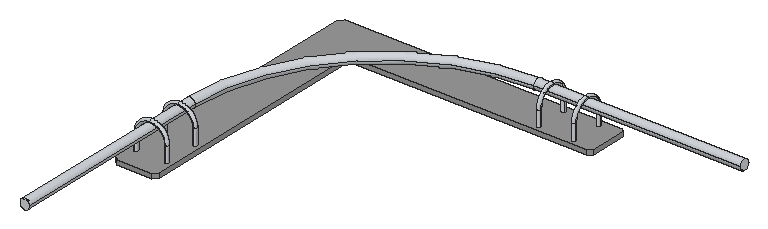
Revit family "HCL_Latchways_FallArrestSystemGuidedAnchorLine_90degreeCornerSet", category Generic Models, host Face, Revit 2014
Parameters (values of type "ManSafe CFP - 90 degree Corner Set")
  WarrantyStartDate [instance] = "1900-12-31T23:59:59"
  WarrantyGuarantorParts = "n/a"
  WarrantyGuarantorLabor = "n/a"
  WarrantyDurationUnit = "year"
  WarrantyDurationParts = "n/a"
  WarrantyDurationLabor = "n/a"
  WarrantyDescription = "n/a"
  Version = "1"  # constant formula
  Uniclass2 = "80-30-25/135"
  URL = "www.latchways.com"
  Type Comments = "n/a"
  TagNumber [instance] = "n/a"
  SystemManufacturer = "MSA Latchways"  # constant formula
  SystemMaintenance = "Annual service to be completed by HCL Safety in accordance with BS7883:2005"  # constant formula
  SustainabilityPerformance = "n/a"
  StructuralAnchors = "n/a"
  Size = "480 x 480 x 42.5 mm"
  Shape = "n/a"
  SerialNumber [instance] = "n/a"
  Revision = "n/a"
  ReplacementCost = "n/a"
  Reference = "n/a"
  ProductInformation = "www.latchways.com/BIM/65012-00_ExtendedOnePieceCornerBracket.pdf"
  PreInstallationSurvey = "Required"
  NominalWidth = 480 mm
  NominalLength = 480 mm
  NominalHeight = 42.5 mm
  Name = "FallArrestSystemGuidedAnchorLine_90degreeCornerSet_MSA_Latchways"
  NBSTypeID = "n/a"
  NBSReference = "80-50-25/110"
  NBSOfficeMasterTag = "n/a"
  NBSNote = "n/a"
  NBSDescription = "Fall arrest system - guided anchor line"
  NBSCertification = "n/a"
  ModelReference = "Constant Force Post  - 90 degree Corner Set"
  ModelNumber = "65012-00"
  Model = "65012-00"
  Material = "n/a"
  ManufacturerURL = "www.latchways.com"
  ManufacturerName = "MSA Latchways"
  Manufacturer = "info@latchways.com"
  ManSafeForRoofingBrochure = "https://www.hclsafety.com/wp-content/uploads/2017/10/AC55-HCL-A4-brochure-2017.pdf"
  Installer Website = "https://www.hclsafety.com/"
  InstallationDate [instance] = "1900-12-31T23:59:59"
  IfcExportType = "IfcTransportElement"  # constant formula
  IfcExportAs = "NOTDEFINED"  # constant formula
  Grade = "n/a"
  FireExit = no
  Finish = "n/a"
  Features = "n/a"
  ExpectedLife = "n/a"
  DurationUnit = "year"
  Description = "Latchways ManSafe® for Roofing, using Constant Force posts"
  Default Elevation = 1219.2 mm
  ProductSpecification = "www.latchways.com/BIM/Latchways_Specification_ConstantForcePost.pdf"
  Constituents = "n/a"
  Color = "n/a"
  CodePerformance = "n/a"
  Category = "n/a"
  BarCode [instance] = "n/a"
  BIMObjectName = "HCL_Latchways_FallArrestSystemGuidedAnchorLine_90degreeCornerSet"
  Author = "MSA Latchways"  # constant formula
  AttachmentDeviceGuide = "https://www.latchways.com/sites/default/files/4600-026-MC_AttachmentDevice_Guide.pdf"
  AssetType = "Fixed"
  AssetIdentifier [instance] = "n/a"
  Assembly Code = ""
  AncillaryEquipment = "n/a"
  AnchorLine = "n/a"
  AccessibilityPerformance = "n/a"
Reference planes
  plane 1 "Center (Front/Back)": y = 0
  plane 2: z = 0
  plane 3 "Center (Left/Right)": x = 0
  plane 4: x = 0
  plane 5: y = 0
Forms (mm)
  Extrusion 1, solid, not visible
    sketch origin (0, 0, 0) x (1, 0, 0) y (0, 1, 0)
      loop
        line (-1219.2, 1219.2) -> (-1219.2, -1219.2) -> (1219.2, -1219.2) -> (1219.2, 1219.2) -> (-1219.2, 1219.2)
    from 0 to -250
Dimensions and locks
  nested 1 to nested 1 = 480 mm  (x2)
  nested 1 to nested 1 = 325 mm  (x2)
  aligned and locked: plane 2 to Extrusion 1
  aligned and locked: level to Extrusion 1
Nested families
  nested 1: "LWplc_CFP_Corner_Element" at (0, 0, 0), type "LWplc_CFP_Corner_Element"
Definition of nested family "LWplc_CFP_Corner_Element"
  Reference planes
    plane 1 "Center (Front/Back)": y = 0
    plane 2: z = 0
    plane 3 "Center (Left/Right)": x = 0
  Forms (mm)
    Sweep 1, solid, detail levels medium+fine
      path in 3D
        loop
          line (275, -17.5, 5) -> (275, -17.5, 23)
          arc (275, -17.5, 23) -> (275, -12.374, 35.374) -> (275, 0, 40.5) r 17.5
          arc (275, 0, 40.5) -> (275, 12.374, 35.374) -> (275, 17.5, 23) r 17.5
          line (275, 17.5, 23) -> (275, 17.5, 5)
      profile origin (275, -17.5, 14) x (0, -1, 0) y (1, 0, 0)
        loop
          circle (0, 0) r 2
    Sweep 2, solid, detail levels medium+fine
      path in 3D
        loop
          line (235, -17.5, 5) -> (235, -17.5, 23)
          arc (235, -17.5, 23) -> (235, -12.374, 35.374) -> (235, 0, 40.5) r 17.5
          arc (235, 0, 40.5) -> (235, 12.374, 35.374) -> (235, 17.5, 23) r 17.5
          line (235, 17.5, 23) -> (235, 17.5, 5)
      profile origin (235, -17.5, 14) x (0, -1, 0) y (1, 0, 0)
        loop
          circle (0, 0) r 2
    Extrusion 3, solid, material "LWplc_Latchwaysplc_StainlessSteel_AISI304", detail levels medium+fine
      sketch origin (0, 0, 0) x (1, 0, 0) y (0, 1, 0)
        loop
          line (-20, 25) -> (-25, 20) -> (-25, -295) -> (-20, -300) -> (20, -300) -> (25, -295) -> (25, -25) -> (295, -25) -> (300, -20) -> (300, 20) -> (295, 25) -> (-20, 25)
      from 0 to 5
    Sweep 4, solid, detail levels medium+fine
      path in 3D
        loop
          line (17.5, -275, 5) -> (17.5, -275, 23)
          arc (17.5, -275, 23) -> (12.374, -275, 35.374) -> (0, -275, 40.5) r 17.5
          arc (0, -275, 40.5) -> (-12.374, -275, 35.374) -> (-17.5, -275, 23) r 17.5
          line (-17.5, -275, 23) -> (-17.5, -275, 5)
      profile origin (17.5, -275, 14) x (1, 0, 0) y (0, 1, 0)
        loop
          circle (0, 0) r 2
    Sweep 5, solid, detail levels medium+fine
      path in 3D
        loop
          line (17.5, -235, 5) -> (17.5, -235, 23)
          arc (17.5, -235, 23) -> (12.374, -235, 35.374) -> (0, -235, 40.5) r 17.5
          arc (0, -235, 40.5) -> (-12.374, -235, 35.374) -> (-17.5, -235, 23) r 17.5
          line (-17.5, -235, 23) -> (-17.5, -235, 5)
      profile origin (17.5, -235, 14) x (1, 0, 0) y (0, 1, 0)
        loop
          circle (0, 0) r 2
    Sweep 6, solid
      path in 3D
        loop
          line (455, 0, 35) -> (220, 0, 35)
          arc (220, 0, 35) -> (64.437, -64.437, 35) -> (0, -220, 35) r 220
          line (0, -220, 35) -> (0, -455, 35)
      profile origin (337.5, 0, 35) x (0, -1, 0) y (0, 0, 1)
        loop
          circle (0, 0) r 5.5
  Cuts and joins
    joined: Sweep 1, Sweep 2
  Lines and regions (mm)
    model lines
      curve 1: circle (0, 0, 0) r 6.5 normal (0, 0, 1)
      curve 10: line (-20, 25, 0) -> (295, 25, 0)
      curve 11: line (300, 20, 0) -> (300, -20, 0)
      curve 12: line (295, -25, 0) -> (25, -25, 0)
      curve 13: line (25, -25, 0) -> (25, -295, 0)
      curve 14: line (-25, 20, 0) -> (-25, -295, 0)
      curve 15: line (-20, -300, 0) -> (20, -300, 0)
      curve 16: line (-20, -300, 0) -> (-25, -295, 0)
      curve 17: line (20, -300, 0) -> (25, -295, 0)
      curve 18: line (300, 20, 0) -> (295, 25, 0)
      curve 19: line (300, -20, 0) -> (295, -25, 0)
      curve 20: line (-20, 25, 0) -> (-25, 20, 0)
      curve 35: circle (0, 0, 5) r 6.5 normal (0, 0, 1)
    sketch lines
      curve 2: line (275, -17.5, 5) -> (275, -17.5, 23)
      curve 3: arc (275, 0, 40.5) -> (275, -12.374, 35.374) -> (275, -17.5, 23) r 17.5
      curve 4: arc (275, 0, 40.5) -> (275, 12.374, 35.374) -> (275, 17.5, 23) r 17.5
      curve 5: line (275, 17.5, 23) -> (275, 17.5, 5)
      curve 6: line (235, -17.5, 5) -> (235, -17.5, 23)
      curve 7: arc (235, 0, 40.5) -> (235, -12.374, 35.374) -> (235, -17.5, 23) r 17.5
      curve 8: arc (235, 0, 40.5) -> (235, 12.374, 35.374) -> (235, 17.5, 23) r 17.5
      curve 9: line (235, 17.5, 23) -> (235, 17.5, 5)
      curve 21: line (17.5, -275, 5) -> (17.5, -275, 23)
      curve 22: arc (0, -275, 40.5) -> (12.374, -275, 35.374) -> (17.5, -275, 23) r 17.5
      curve 23: arc (0, -275, 40.5) -> (-12.374, -275, 35.374) -> (-17.5, -275, 23) r 17.5
      curve 24: line (-17.5, -275, 23) -> (-17.5, -275, 5)
      curve 25: line (17.5, -235, 5) -> (17.5, -235, 23)
      curve 26: arc (0, -235, 40.5) -> (12.374, -235, 35.374) -> (17.5, -235, 23) r 17.5
      curve 27: arc (0, -235, 40.5) -> (-12.374, -235, 35.374) -> (-17.5, -235, 23) r 17.5
      curve 28: line (-17.5, -235, 23) -> (-17.5, -235, 5)
      curve 31: line (455, 0, 35) -> (220, 0, 35)
      curve 32: arc (220, 0, 35) -> (64.437, -64.437, 35) -> (0, -220, 35) r 220
      curve 33: line (0, -220, 35) -> (0, -455, 35)
    reference lines
      curve 29: circle (455, 0, 35) r 5.5 normal (1, 0, 0)
    model lines, detail levels medium+fine
      curve 30: circle (455, 0, 35) r 4 normal (1, 0, 0)
      curve 34: circle (0, -455, 35) r 4 normal (0, -1, 0)
  Dimensions and locks
    aligned and locked: level to plane 2
